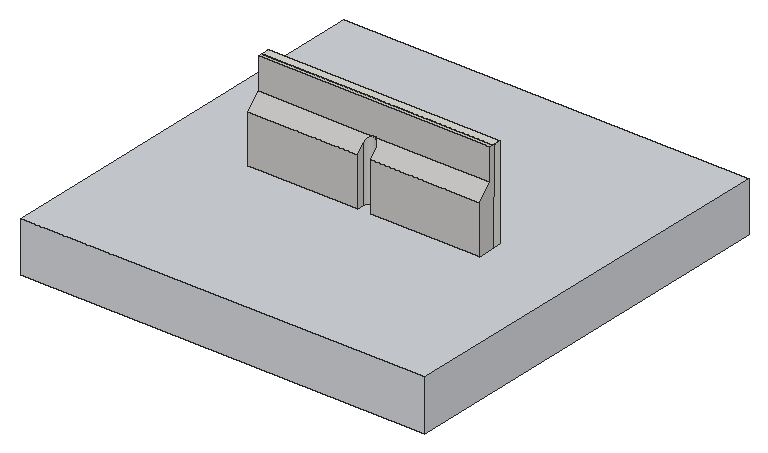
Revit family
Parameters (values of type "9112-WM-MC-FLR-3674-NFD")
  Waste Connection = no
  WFU = 0
  Voltage = 0
  Vent Connection = no
  URL = "http://www.neo-metro.com"
  Type Comments = ""
  Tempered Water Connection = no
  S - Satin Frame Finish = no
  S - Satin Basin Finish = no
  Revised Date = "07/19/11"
  RDC13 (Canary) - Deck Material (Resin) = no
  RDC12 (Blueberry) - Deck Material (Resin) = no
  RDC11 (Tangerine Dream) - Deck Material (Resin) = no
  RDC10 (Blanco Solid Srf.) - Deck Material (Resin) = no
  RDC09 (Green Apple) - Deck Material (Resin) = no
  RDC07 (Wineberry) - Deck Material (Resin) = no
  RDC06 (Cranjuice) - Deck Material (Resin) = no
  RDC05 (Skye) - Deck Material (Resin) = no
  RDC04 (Oceana) - Deck Material (Resin) = no
  RDC03 (Yokan) - Deck Material (Resin) = no
  RDC02 (Stealth Fog) - Deck Material (Resin) = no
  RDC01 (Cloud Nine) - Deck Material (Resin) = no
  RDC00 (Custom) - Deck Material (Resin) = no
  Phone# = "626-336-4561"
  OF - Overflow Waste Outlet = no
  NMF-3-S - Wall Spout/Deck Control (Satin) = no
  NMF-3-HP - Wall Spout/Deck Control (High Polish) = no
  NMF-2-S - Deck Spout w/ Dual Control (Satin) = no
  NMF-2-HP - Deck Spout w/ Dual Control (High Polish) = no
  NMF-1-S - Wall Spout/2 Deck Controls (Satin) = no
  NMF-1-HP - Wall Spout/2 Deck Controls (High Polish) = no
  NFD - No Faucet Drilling = yes
  Model = "9112-WM-MC-FLR-3674-NFD"
  Material = Stainless Steel
  Manufacturer = "Neo-Metro"
  MC-FLR - Commercial Floor Mounted Arm/Carrier = yes
  MC - Standard Arm/Wall Mounted Carrier = no
  LGT-220V - Under-counter Lighting = no
  LGT - Under-counter Lighting = no
  HWFU = 0
  HW Connection = no
  HP - High Polish Frame Finish = no
  HP - High Polish Basin Finish = no
  FBO - Faucet by Others = no
  EG-22 - Black Frame Finish = no
  EG-22 - Black Basin Finish = no
  EG-10 - White Frame Finish = no
  EG-10 - White Basin Finish = no
  Designed By = "ATS BIM Team"
  Description = "55\" Ebb Concept Wall Mounted"
  Default Elevation = 34"
  DML-SO-BAT - Deck Mounted "L" Spout_Sensor Op_Battery = no
  DML-SO - Deck Mounted "L" Spout_Sensor Op = no
  DMJ-SO-BAT - Deck Mounted "J" Spout_Sensor Op_Battery = no
  DMJ-SO - Deck Mounted "J" Spout_Sensor Op = no
  CWFU = 0
  CW Connection = no
  Assembly Code = ""
  Amperage = 0
  3674 - Satin Shallow Ebb Basin = yes
  3671 - Satin Deep Ebb Basin = no
Reference planes (in)
  plane 1 "Center (Front/Back)": y = 0
  plane 2: z = 0
  plane 3 "Center (Left/Right)": x = 0
  plane 4: y = -34
  plane 5: z = 11.5
  plane 6: z = 18
  plane 7: x = 4.5
  plane 8: x = -9.5
  plane 9: z = 4
  plane 10: z = 18
  plane 11: z = 4
  plane 12: y = -1
Forms (in)
  Extrusion 1, solid
    sketch origin (0, 0, 0) x (1, 0, 0) y (0, 1, 0)
      loop
        line (-48, 48) -> (-48, -48) -> (48, -48) -> (48, 48) -> (-48, 48)
    from 0 to -12
  Extrusion 2, solid, material "Satin"
    sketch origin (-2.5, 0, 0) x (1, 0, 0) y (0, 0, 1)
      loop
        line (30, 0) -> (30, 21.96875)
        arc (30, 21.96875) -> (29.99085, 21.99085) -> (29.96875, 22) r 0.03125
        line (29.96875, 22) -> (-24.96875, 22)
        arc (-24.96875, 22) -> (-24.99085, 21.99085) -> (-25, 21.96875) r 0.03125
        line (-25, 21.96875) -> (-25, 0) -> (30, 0)
    from 0 to 2
  Extrusion 3, solid, material "Stainless Steel" <- "Material"
    sketch origin (-2.5, 0, 0) x (0, 1, 0) y (0, 0, 1)
      loop
        line (-2, 0) -> (-2, 22) -> (-3, 22) -> (-3, 14.5) -> (-6, 11.5) -> (-6, 0) -> (-2, 0)
    from -25 to 30
  Extrusion 4, void
    sketch origin (0, 0, 0) x (1, 0, 0) y (0, 1, 0)
      loop
        line (1.5, -6) -> (1.5, -4.5)
        arc (1.5, -4.5) -> (0, -3) -> (-1.5, -4.5) r 1.5
        line (-1.5, -4.5) -> (-1.5, -6) -> (1.5, -6)
    from 0 to 14.50196
  Extrusion 5, void
    sketch origin (-4, 0, 0) x (0, -1, 0) y (0, 0, 1)
      loop
        line (0, 4) -> (2.5, 4) -> (3, 11.5) -> (3, 12.25) -> (2, 12.25) -> (2, 10.75) -> (1, 18) -> (0, 18) -> (0, 4)
    from -22.5 to 13.5
  Extrusion 6, void
    sketch origin (0, 0, 0) x (1, 0, 0) y (0, 1, 0)
      loop
        line (-24, -6) -> (-24, -3) -> (-27.5, -3) -> (-27.5, -6) -> (-24, -6)
      loop
        line (24, -6) -> (27.5, -6) -> (27.5, -3) -> (24, -3) -> (24, -6)
    from 0 to 14.50196
Cuts and joins
  Extrusion 4 cuts Extrusion 3
  Extrusion 5 cuts Extrusion 2
Dimensions and locks (in)
  aligned and locked: plane 2 to Extrusion 1
  aligned and locked: level to Extrusion 1
